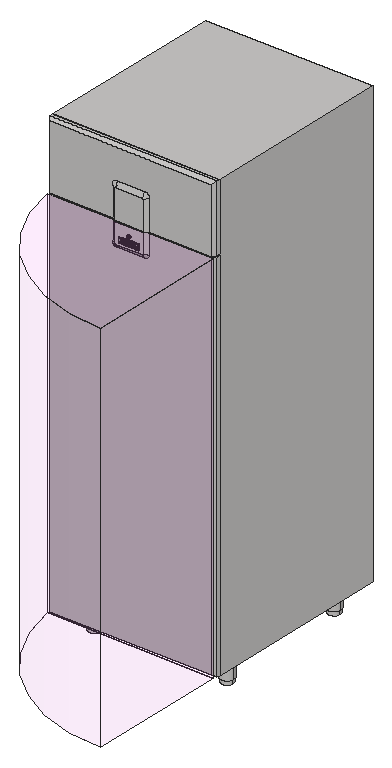
Revit family "QF_ZANUSSI_110212_NPT71FRAA", category Specialty Equipment, Revit 2018
Family settings
  Round Connector Dimension = Use Diameter
  Part Type = Normal
  Work Plane-Based = No
  Always vertical = Yes
  Cut with Voids When Loaded = No
  Shared = No
  Room Calculation Point = No
Parameters
  Weight = 0.00 kg
  Watts = 22.7612 W
  Volts = 220 V
  URL Manufacturer = "http://professional.electrolux.com/"
  URL = "http://professional.electrolux.com/"
  Steam Supply Size = 0 mm
  Steam Supply Minimum Pressure = 0.0 Pa
  Steam Supply Maximum Pressure = 0.0 Pa
  Steam Pounds per Hour = 0
  Show Logo [instance] = yes
  Show Clearance [instance] = yes
  Refrigeration Suction Line Size = 0 mm
  Refrigeration Liquid Line Size = 0 mm
  Refrigerant Compressor Remote = yes
  Manufacturer = "Zanussi"
  Phase = 1
  Model = "NPT71FRAA"
  Length Actual = 740 mm  # constant formula
  Item Number = "110212"
  Hot Water Size = 0 mm
  Height Actual = 2080 mm  # constant formula
  HP = "0,3 HP"
  Gas Size = 0 mm
  Gas KW = 0
  Gas Input Pressure = 0 W
  Description = "1D REF.CAB670L R290-2°C DIG.A304 CLASS A"
  Depth Actual = 885 mm  # constant formula
  Cycle = 0 Hz
  Condensate Return Size = 0 mm
  Compressed Air Volume = 0.0 L/s
  Compressed Air Size = 0 mm
  Compressed Air Pressure = 0.0 Pa
  Cold Water Size = 0 mm
  Accessory = yes
Reference planes
  plane 1 "Center (Front/Back)": y = 0
  plane 2: z = 0
  plane 3 "Center (Left/Right)": x = 0
  plane 4 "LEFT": x = -370
  plane 5 "RIGHT": x = 370
  plane 6 "FRONT": y = -438.5
  plane 7 "BACK": y = 438.5
  plane 8: y = -272.5
  plane 9: y = 341.5
  plane 10: z = 2080
  plane 11: z = 110
  plane 12: z = 2580
  plane 13: z = 1780
Forms (mm)
  Extrusion 1, solid, material "QF_Finishes_Stainless Steel"
    sketch origin (0, 0, 0) x (1, 0, 0) y (0, 1, 0)
      loop
        circle (-278.5, 341.5) r 25
      loop
        circle (278.5, 341.5) r 25
      loop
        circle (-295, -272.5) r 25
      loop
        circle (295, -272.5) r 25
    from 0 to 20
  Extrusion 2, solid, material "QF_Finishes_Stainless Steel"
    sketch origin (0, 0, 0) x (1, 0, 0) y (0, 1, 0)
      loop
        circle (-278.5, 341.5) r 30
      loop
        circle (278.5, 341.5) r 30
      loop
        circle (-295, -272.5) r 30
      loop
        circle (295, -272.5) r 30
    from 20 to 110
  Extrusion 3, solid, material "QF_Finishes_Stainless Steel"
    sketch origin (0, 0, 0) x (1, 0, 0) y (0, 1, 0)
      loop
        line (-370, 438.5) -> (-370, -408.5) -> (370, -408.5) -> (370, 438.5) -> (-370, 438.5)
    from 110 to 2080
  Extrusion 4, solid, material "QF_Finishes_Stainless Steel"
    sketch origin (370, -408.5, 0) x (-1, 0, 0) y (0, 0, -1)
      loop
        line (740, -2080) -> (740, -1782.5) -> (0, -1782.5) -> (0, -2080) -> (740, -2080)
    from 0 to 15
  Blend 5, solid, material "QF_Finishes_Stainless Steel"
    base sketch origin (370, -423.5, 0) x (-1, 0, 0) y (0, 0, -1)
      loop
        line (740, -2080) -> (740, -1782.5) -> (0, -1782.5) -> (0, -2080) -> (740, -2080)
    top sketch origin (370, -423.5, 0) x (-1, 0, 0) y (0, 0, -1)
      loop
        line (730, -2070) -> (730, -1782.5) -> (10, -1782.5) -> (10, -2070) -> (730, -2070)
    from 0 to 15
  Extrusion 6, solid, material "QF_Finishes_Stainless Steel"
    sketch origin (370, -408.5, -272.5) x (-1, 0, 0) y (0, 0, -1)
      loop
        line (740, -2050) -> (740, -382.5) -> (0, -382.5) -> (0, -2050) -> (740, -2050)
    from 0 to 15
  Blend 7, solid, material "QF_Finishes_Stainless Steel"
    base sketch origin (370, -423.5, -272.5) x (-1, 0, 0) y (0, 0, -1)
      loop
        line (740, -2050) -> (740, -382.5) -> (0, -382.5) -> (0, -2050) -> (740, -2050)
    top sketch origin (370, -423.5, -272.5) x (-1, 0, 0) y (0, 0, -1)
      loop
        line (730, -2050) -> (730, -392.5) -> (10, -392.5) -> (10, -2050) -> (730, -2050)
    from 0 to 15
  Extrusion 8, solid, material "QF_Door-Drawer Clearances", visible <- "Show Clearance"
    sketch origin (0, 0, 0) x (1, 0, 0) y (0, 1, 0)
      loop
        line (370, -438.5) -> (-370, -438.5)
        arc (-370, -438.5) -> (-116.296, -890.102) -> (370, -1068.5) r 747.791
        line (370, -1068.5) -> (370, -438.5)
    from 110 to 1777.5
  Blend 9, solid, material "QF_Finishes_Stainless Steel"
    base sketch origin (370, -438.5, 15) x (-1, 0, 0) y (0, 0, -1)
      loop
        arc (430, -1922.5) -> (444.142, -1916.642) -> (450, -1902.5) r 20
        line (450, -1902.5) -> (450, -1677.5)
        arc (450, -1677.5) -> (444.142, -1663.358) -> (430, -1657.5) r 20
        line (430, -1657.5) -> (310, -1657.5)
        arc (310, -1657.5) -> (295.858, -1663.358) -> (290, -1677.5) r 20
        line (290, -1677.5) -> (290, -1902.5)
        arc (290, -1902.5) -> (295.858, -1916.642) -> (310, -1922.5) r 20
        line (310, -1922.5) -> (430, -1922.5)
    top sketch origin (370, -438.5, 15) x (-1, 0, 0) y (0, 0, -1)
      loop
        line (305, -1677.5) -> (305, -1892.5)
        arc (305, -1892.5) -> (306.464, -1896.036) -> (310, -1897.5) r 5
        line (310, -1897.5) -> (430, -1897.5)
        arc (430, -1897.5) -> (433.536, -1896.036) -> (435, -1892.5) r 5
        line (435, -1892.5) -> (435, -1677.5)
        arc (435, -1677.5) -> (433.536, -1673.964) -> (430, -1672.5) r 5
        line (430, -1672.5) -> (310, -1672.5)
        arc (310, -1672.5) -> (306.464, -1673.964) -> (305, -1677.5) r 5
    from 0 to 10
  Extrusion 10, void
    sketch origin (370, -448.5, 15) x (1, 0, 0) y (0, 0, -1)
      loop
        line (-450, -1767.5) -> (-290, -1767.5) -> (-290, -1762.5) -> (-450, -1762.5) -> (-450, -1767.5)
    from 0 to 40
  Extrusion 11, solid, material "QF_Finishes_Stainless Steel"
    sketch origin (-430, 438.5, -75) x (1, 0, 0) y (0, 0, -1)
      loop
        circle (78.041, -2006.09) r 12
    from 0 to 16.547
  Extrusion 12, solid, material "QF_Finishes_Stainless Steel"
    sketch origin (391.25, -448.5, 1326.5) x (-1, 0, 0) y (0, 0, -1)
      loop
        circle (391.018, -413.776) r 7.041
      loop
        arc (390, -414.179) -> (391.013, -419.219) -> (392.047, -414.184) r 2.623
        line (392.047, -414.184) -> (392.047, -408.5) -> (390, -408.5) -> (390, -414.179)
    from 0 to 5.054
  Extrusion 13, solid, material "QF_Finishes_Stainless Steel"
    sketch origin (0, 0, 0) x (1, 0, 0) y (0, 1, 0)
      loop
        circle (0, -249.5) r 12
    from 91.018 to 110
  Extrusion 14, solid, material "QF_Clearance", visible <- "Show Clearance", detail levels coarse
    sketch origin (0, 0, 0) x (1, 0, 0) y (0, 1, 0)
      loop
        line (-390, -438.5) -> (-370, -438.5) -> (-370, 438.5) -> (370, 438.5) -> (370, -438.5) -> (390, -438.5) -> (390, 468.5) -> (-390, 468.5) -> (-390, -438.5)
    from 0 to 2080
  Extrusion 15, solid, material "QF_Clearance", visible <- "Show Clearance", detail levels coarse
    sketch origin (0, 0, 0) x (1, 0, 0) y (0, 1, 0)
      loop
        line (-390, 468.5) -> (-390, -438.5) -> (390, -438.5) -> (390, 468.5) -> (-390, 468.5)
    from 2080 to 2580
Cuts and joins
  Extrusion 10 cuts Extrusion 4
  Extrusion 10 cuts Blend 5
  joined: Extrusion 4, Blend 5
  Extrusion 10 cuts Extrusion 3
  Extrusion 10 cuts Extrusion 6
  joined: Extrusion 6, Blend 7
  Extrusion 10 cuts Extrusion 8
  Extrusion 10 cuts Blend 9
  joined: Extrusion 14, Extrusion 15
  joined: Extrusion 1, Extrusion 2
Lines and regions (mm)
  Split face 1
    outline origin (0, -448.5, 1800) x (0, 0, 1) y (-1, 0, 0)
      loop
        line (-22.5, 55) -> (-112.5, 55)
      loop
        line (-22.5, 50) -> (-112.5, 50)
  Split face 2
    outline origin (0, -448.5, 1800) x (0, 0, 1) y (-1, 0, 0)
      loop
        line (-22.5, -50) -> (-112.5, -50)
      loop
        line (-22.5, -55) -> (-112.5, -55)
  Split face 3
    outline origin (0, -448.5, 1800) x (0, 0, 1) y (-1, 0, 0)
      loop
        line (-17.5, 35) -> (96.079, 35)
        arc (96.079, 35) -> (99.615, 33.536) -> (101.079, 30) r 5
        line (101.079, 30) -> (101.079, -30)
        arc (101.079, -30) -> (99.615, -33.536) -> (96.079, -35) r 5
        line (96.079, -35) -> (-17.5, -35)
  Split face 4
    outline origin (0, -448.5, 1800) x (0, 0, 1) y (-1, 0, 0)
      loop
        line (-22.5, 35) -> (-33.75, 35)
        arc (-33.75, 35) -> (-37.286, 33.536) -> (-38.75, 30) r 5
        line (-38.75, 30) -> (-38.75, -30)
        arc (-38.75, -30) -> (-37.286, -33.536) -> (-33.75, -35) r 5
        line (-33.75, -35) -> (-22.5, -35)
  Split face 5
    outline origin (0, -448.5, 1800) x (0, 0, 1) y (-1, 0, 0)
      loop
        line (31.857, 30) -> (16.732, 30) -> (16.732, -30) -> (31.857, -30) -> (31.857, 30)
  Split face 6
    outline origin (0, -448.5, 1800) x (0, 0, 1) y (-1, 0, 0)
      loop
        line (-17.5, 55) -> (112.5, 55)
      loop
        line (-17.5, 50) -> (112.5, 50)
      loop
        line (-17.5, -50) -> (112.5, -50)
      loop
        line (-17.5, -55) -> (112.5, -55)
  symbolic lines
    curve 1: line (-370, 438.5, 0) -> (370, 438.5, 0)
    curve 2: line (-370, -438.5, 0) -> (-370, 438.5, 0)
    curve 3: line (370, -438.5, 0) -> (-370, -438.5, 0)
    curve 4: line (370, 438.5, 0) -> (370, -438.5, 0)
  symbolic lines, style "QF_Door-Drawer Clearances"
    curve 5: line (370, -1068.5, 0) -> (370, -438.5, 0)
    curve 6: arc (-370, -438.5, 0) -> (-116.296, -890.102, 0) -> (370, -1068.5, 0) r 747.791
  symbolic lines, style "QF_Clearances", visible <- "Show Clearance", detail levels coarse
    curve 7: line (-390, -438.5, 0) -> (-390, 468.5, 0)
    curve 8: line (-390, 468.5, 0) -> (390, 468.5, 0)
    curve 9: line (390, 468.5, 0) -> (390, -438.5, 0)
  symbolic lines, style "SpecialityEquipment"
    curve 10: line (-80, -438.5, 0) -> (-65, -448.5, 0)
    curve 11: line (-65, -448.5, 0) -> (65, -448.5, 0)
    curve 12: line (65, -448.5, 0) -> (80, -438.5, 0)
Dimensions and locks
  equal spacing: plane 4 "LEFT", plane 3 "Center (Left/Right)", plane 5 "RIGHT"
  equal spacing: plane 7 "BACK", plane 1 "Center (Front/Back)", plane 6 "FRONT"
  plane 7 "BACK" to plane 6 "FRONT" = 877 mm
  plane 4 "LEFT" to plane 5 "RIGHT" = 740 mm
  plane 8 to plane 6 "FRONT" = 166 mm
  plane 10 to level = 2080 mm
  locked: plane 11 to plane 2 at 110
  locked: plane 7 "BACK" to plane 9 at 97
  plane 9 to plane 8 = 614 mm
  plane 4 "LEFT" to Extrusion 6 = 740 mm
  locked: plane 12 to plane 10 at 500
  plane 4 "LEFT" to Extrusion 1 sketch curve = 91.5 mm
  Extrusion 1 sketch curve to plane 5 "RIGHT" = 91.5 mm
  plane 4 "LEFT" to Extrusion 2 sketch curve = 91.5 mm
  Extrusion 2 sketch curve to plane 5 "RIGHT" = 91.5 mm
  aligned and locked: level to plane 2
  aligned and locked: plane 11 to Extrusion 2
  aligned and locked: Extrusion 2 to Extrusion 1
  aligned and locked: Extrusion 3 sketch curve to curve 1
  aligned and locked: curve 2 to Extrusion 3 sketch curve
  aligned and locked: plane 10 to Extrusion 3
  aligned and locked: Extrusion 3 to plane 11
  aligned and locked: Extrusion 4 sketch curve to Extrusion 3  (x2)
  aligned and locked: Extrusion 4 sketch curve to plane 5 "RIGHT"
  aligned and locked: Blend 5 sketch curve to Extrusion 3  (x2)
  aligned and locked: Blend 7 sketch curve to Extrusion 6  (x2)
  aligned and locked: plane 6 "FRONT" to Extrusion 8 sketch curve
  aligned and locked: Extrusion 8 to plane 11
  aligned and locked: plane 11 to Extrusion 13
  aligned and locked: Extrusion 6 to plane 11
  aligned and locked: Extrusion 14 sketch curve to plane 6 "FRONT"
  aligned and locked: Extrusion 14 sketch curve to curve 2
  aligned and locked: curve 1 to Extrusion 14 sketch curve
  aligned and locked: Extrusion 14 sketch curve to curve 4
  aligned and locked: plane 6 "FRONT" to Extrusion 14 sketch curve
  aligned and locked: Extrusion 15 sketch curve to Extrusion 14  (x2)
  aligned and locked: Extrusion 15 to plane 10
Automatic sketch dimensions
  Extrusion 3 sketch curve to plane 5 "RIGHT" = 0 mm
  Extrusion 6 to Blend 7 sketch curve = 0 mm
  Blend 7 sketch curve to Extrusion 6 = 0 mm  (x2)
  Blend 7 sketch curve to Extrusion 6 = 10 mm  (x3)
  Blend 9 sketch curve to Blend 9 sketch curve = 20 mm  (x4)
  Blend 9 sketch curve to Blend 5 = 125 mm
  Blend 9 sketch curve to Blend 5 = 295 mm
  Blend 9 sketch curve to Blend 9 sketch curve = 5 mm  (x3)
  Blend 9 sketch curve to Blend 9 sketch curve = 120 mm  (x3)
  Blend 5 to Blend 9 sketch curve = 90 mm  (x2)
  Split face 1 sketch curve to cut or joined group of Blend 9, Extrusion 10 = 0 mm  (x4)
  Split face 1 sketch curve to cut or joined group of Blend 9, Extrusion 10 = 15 mm
  Split face 1 sketch curve to Split face 1 sketch curve = 5 mm
  Split face 2 sketch curve to cut or joined group of Blend 9, Extrusion 10 = 0 mm  (x4)
  Split face 2 sketch curve to cut or joined group of Blend 9, Extrusion 10 = 10 mm
  Split face 2 sketch curve to Split face 2 sketch curve = 5 mm
  Split face 3 sketch curve to cut or joined group of Blend 9, Extrusion 10 = 0 mm  (x2)
  Split face 3 sketch curve to cut or joined group of Blend 9, Extrusion 10 = 16.421 mm  (x2)
  Split face 3 sketch curve to cut or joined group of Blend 9, Extrusion 10 = 11.421 mm
  Split face 3 sketch curve to cut or joined group of Blend 9, Extrusion 10 = 30 mm
  Split face 3 sketch curve to cut or joined group of Blend 9, Extrusion 10 = 35 mm
  Split face 4 sketch curve to cut or joined group of Blend 9, Extrusion 10 = 0 mm  (x2)
  cut or joined group of Blend 9, Extrusion 10 to Split face 4 sketch curve = 11.25 mm  (x2)
  Split face 4 sketch curve to Split face 4 sketch curve = 5 mm
  Split face 4 sketch curve to cut or joined group of Blend 9, Extrusion 10 = 30 mm
  Split face 4 sketch curve to cut or joined group of Blend 9, Extrusion 10 = 35 mm
  Split face 5 sketch curve to cut or joined group of Blend 9, Extrusion 10 = 95.768 mm
  Split face 5 sketch curve to Split face 5 sketch curve = 15.125 mm
  Split face 5 sketch curve to cut or joined group of Blend 9, Extrusion 10 = 35 mm  (x2)
  Extrusion 11 sketch curve to Extrusion 3 = 18.041 mm
  Extrusion 3 to Extrusion 11 sketch curve = 148.91 mm
  Extrusion 13 sketch curve to plane 3 "Center (Left/Right)" = 0 mm
  Extrusion 12 sketch curve to Blend 9 = 66.25 mm
  Extrusion 12 sketch curve to Extrusion 12 sketch curve = 1.018 mm  (x2)
  Extrusion 12 sketch curve to Extrusion 12 sketch curve = 2.047 mm
  Extrusion 12 sketch curve to Blend 9 = 55.596 mm
  Extrusion 12 sketch curve to Extrusion 12 sketch curve = 2.82 mm
  Extrusion 12 sketch curve to Extrusion 12 sketch curve = 0.403 mm
  Extrusion 12 sketch curve to Extrusion 12 sketch curve = 5.679 mm
  Extrusion 12 sketch curve to Extrusion 12 sketch curve = 0 mm
  Blend 9 sketch curve to Blend 5 = 132.5 mm
  Blend 5 sketch curve to plane 5 "RIGHT" = 10 mm
  plane 4 "LEFT" to Blend 5 sketch curve = 10 mm
  Blend 5 sketch curve to plane 10 = 10 mm
  Extrusion 6 sketch curve to Extrusion 3 = 0 mm  (x2)
  Extrusion 3 to Extrusion 6 sketch curve = 0 mm
  plane 8 to Extrusion 13 sketch curve = 23 mm
  Extrusion 3 to Extrusion 6 sketch curve = 302.5 mm
  Extrusion 10 sketch curve to Extrusion 10 sketch curve = 5 mm
  Extrusion 3 to Extrusion 4 sketch curve = 297.5 mm
  Blend 5 sketch curve to Extrusion 4 = 0 mm  (x3)
  Blend 9 to Extrusion 10 sketch curve = 95 mm
  Split face 6 sketch curve to cut or joined group of Blend 9, Extrusion 10 = 0 mm  (x8)
  Split face 6 sketch curve to cut or joined group of Blend 9, Extrusion 10 = 10 mm
  Split face 6 sketch curve to Split face 6 sketch curve = 5 mm  (x2)
  Split face 6 sketch curve to cut or joined group of Blend 9, Extrusion 10 = 15 mm
  Extrusion 8 sketch curve to plane 4 "LEFT" = 0 mm
  Extrusion 8 sketch curve to plane 5 "RIGHT" = 0 mm
  Extrusion 8 sketch curve to plane 5 "RIGHT" = 1.545 mm
  Extrusion 1 sketch curve to plane 8 = 0 mm  (x2)
  Extrusion 1 sketch curve to plane 9 = 0 mm  (x2)
  Extrusion 14 sketch curve to plane 4 "LEFT" = 20 mm
  Extrusion 14 sketch curve to Extrusion 14 sketch curve = 20 mm
  plane 7 "BACK" to Extrusion 14 sketch curve = 30 mm
  Extrusion 15 sketch curve to plane 4 "LEFT" = 20 mm
  plane 7 "BACK" to Extrusion 15 sketch curve = 30 mm
  plane 4 "LEFT" to Extrusion 1 sketch curve = 75 mm
  Extrusion 1 sketch curve to plane 5 "RIGHT" = 75 mm
  plane 6 "FRONT" to Extrusion 3 sketch curve = 30 mm
  Extrusion 8 sketch curve to Extrusion 8 sketch curve = 630 mm
  Blend 9 sketch curve to Blend 5 = 280 mm
  Extrusion 10 sketch curve to Blend 9 = 15 mm  (x2)
  Extrusion 2 sketch curve to plane 8 = 0 mm  (x2)
  Extrusion 2 sketch curve to plane 9 = 0 mm  (x2)
  plane 4 "LEFT" to Extrusion 2 sketch curve = 75 mm
  Extrusion 2 sketch curve to plane 5 "RIGHT" = 75 mm
  curve 7 to plane 6 "FRONT" = 0 mm
  curve 2 to plane 4 "LEFT" = 0 mm
  curve 10 to plane 6 "FRONT" = 0 mm
  curve 5 to plane 5 "RIGHT" = 0 mm
  curve 1 to plane 5 "RIGHT" = 0 mm
  curve 9 to plane 6 "FRONT" = 0 mm
  curve 1 to plane 7 "BACK" = 0 mm
  curve 7 to plane 4 "LEFT" = 20 mm
  curve 10 to plane 3 "Center (Left/Right)" = 65 mm
  curve 6 to plane 5 "RIGHT" = 1.545 mm
  plane 5 "RIGHT" to curve 8 = 20 mm
  curve 5 to curve 3 = 630 mm
  plane 7 "BACK" to curve 8 = 30 mm
  curve 10 to curve 10 = 15 mm
  curve 12 to plane 6 "FRONT" = 10 mm
  plane 3 "Center (Left/Right)" to curve 12 = 65 mm
  curve 11 to curve 12 = 15 mm
  radius of Extrusion 11 sketch curve = 12 mm
  radius of Extrusion 13 sketch curve = 12 mm
  radius of Extrusion 12 sketch curve = 7.041 mm
  radius of Extrusion 1 sketch curve = 25 mm  (x4)
  radius of Extrusion 2 sketch curve = 30 mm  (x4)
Nested families
  nested 1: "ZAN_Logo_S_Grey" at (0, -448.5, 1713.75) x (1, 0, 0) z (0, -1, 0), visible <- "Show Logo", type "ZAN_Logo_S_Grey"
Connectors
  electrical at (-351.959, 455.047, 1931.09)
    settings: on Extrusion 11, index 1, voltage 0 V, apparent load 0 VA, apparent load phase1 0 VA, apparent load phase2 0 VA, apparent load phase3 0 VA, power factor 1, load classification "Other", number of poles 1, system type 30, power factor state 1, is connector primary yes, connector utility no, sub classification motor no, connector description "Elctrical Connection"
  piping at (0, -249.5, 91.018), diameter 24
    settings: on Extrusion 13, index 2, connector inside diameter 609.6 mm, connector length 0 mm, flow factor 0, pipe flow 0.0 L/s, pressure drop 0.0 Pa, fitting loss kfactor 0, connector angle 0.00°, fixture units 0, engagement length 0 mm, angle of deflection 0.00°, flow configuration 1, flow direction 2, fitting loss method 0, system type 16, joint type 0, gender type 0, connector reference index -1, connector utility 0, adjustable connector no, is connector primary yes, connector description "Drain"
Definition of nested family "ZAN_Logo_S_Grey"
  Parameters
    Default Elevation = 0 mm
  Reference planes
    plane 1 "Centro (Fronte/Retro)": y = 0
    plane 2: z = 0
    plane 3 "Centro (Sinistra/Destra)": x = 0
  Forms (mm)
    Extrusion 1, solid
      sketch origin (0, 0, 0) x (1, 0, 0) y (0, 1, 0)
        loop
          line (-1219.2, 1219.2) -> (-1219.2, -1219.2) -> (1219.2, -1219.2) -> (1219.2, 1219.2) -> (-1219.2, 1219.2)
      from 0 to -304.8
    Extrusion 2, solid
      sketch origin (17.793, -46.218, 0) x (-1, 0, 0) y (0, -1, 0)
        loop
          spline (-4.176, -58.079) -> (-3.496, -58.328) -> (-2.793, -58.512) -> (-2.075, -58.63) -> (-1.348, -58.682) -> (-0.619, -58.669) -> (0.106, -58.588) -> (0.818, -58.44) -> (1.512, -58.225) -> (2.18, -57.941) -> (2.817, -57.589) -> (3.414, -57.167) -> (3.966, -56.676)
          spline (3.966, -56.676) -> (4.293, -56.162) -> (4.575, -55.61) -> (4.81, -55.026) -> (5, -54.419) -> (5.146, -53.797) -> (5.247, -53.166) -> (5.304, -52.536) -> (5.318, -51.913) -> (5.288, -51.306) -> (5.217, -50.723) -> (5.103, -50.17) -> (4.949, -49.657)
          line (4.949, -49.657) -> (2.702, -46.428) -> (0.316, -44.323)
          spline (0.316, -44.323) -> (0.065, -44.115) -> (-0.195, -43.909) -> (-0.46, -43.704) -> (-0.729, -43.496) -> (-0.997, -43.282) -> (-1.263, -43.059) -> (-1.523, -42.825) -> (-1.774, -42.576) -> (-2.013, -42.309) -> (-2.238, -42.022) -> (-2.445, -41.712) -> (-2.632, -41.375)
          spline (-2.632, -41.375) -> (-2.666, -41.159) -> (-2.697, -40.934) -> (-2.722, -40.701) -> (-2.736, -40.465) -> (-2.736, -40.227) -> (-2.72, -39.989) -> (-2.682, -39.754) -> (-2.621, -39.524) -> (-2.533, -39.302) -> (-2.414, -39.091) -> (-2.261, -38.892) -> (-2.07, -38.708)
          line (-2.07, -38.708) -> (-0.245, -38.567)
          spline (-0.245, -38.567) -> (0.096, -38.8) -> (0.354, -39.074) -> (0.54, -39.381) -> (0.664, -39.716) -> (0.738, -40.073) -> (0.772, -40.445) -> (0.777, -40.825) -> (0.763, -41.208) -> (0.742, -41.588) -> (0.723, -41.957) -> (0.718, -42.309) -> (0.737, -42.638)
          line (0.737, -42.638) -> (5.65, -42.638)
          spline (5.65, -42.638) -> (5.708, -42.042) -> (5.741, -41.448) -> (5.747, -40.857) -> (5.723, -40.273) -> (5.668, -39.696) -> (5.58, -39.129) -> (5.457, -38.574) -> (5.297, -38.032) -> (5.098, -37.506) -> (4.857, -36.997) -> (4.574, -36.508) -> (4.247, -36.041)
          spline (4.247, -36.041) -> (3.844, -35.675) -> (3.409, -35.35) -> (2.946, -35.065) -> (2.458, -34.819) -> (1.949, -34.612) -> (1.421, -34.444) -> (0.88, -34.314) -> (0.326, -34.221) -> (-0.234, -34.165) -> (-0.8, -34.146) -> (-1.366, -34.163) -> (-1.93, -34.216)
          spline (-1.93, -34.216) -> (-2.526, -34.309) -> (-3.116, -34.448) -> (-3.695, -34.633) -> (-4.259, -34.861) -> (-4.801, -35.131) -> (-5.316, -35.444) -> (-5.799, -35.798) -> (-6.245, -36.191) -> (-6.648, -36.624) -> (-7.002, -37.095) -> (-7.303, -37.603) -> (-7.545, -38.146)
          spline (-7.545, -38.146) -> (-7.694, -38.815) -> (-7.792, -39.487) -> (-7.839, -40.158) -> (-7.836, -40.824) -> (-7.785, -41.482) -> (-7.685, -42.129) -> (-7.539, -42.762) -> (-7.347, -43.377) -> (-7.111, -43.97) -> (-6.83, -44.538) -> (-6.506, -45.078) -> (-6.141, -45.586)
          line (-6.141, -45.586) -> (-0.526, -50.64) -> (0.176, -51.482)
          spline (0.176, -51.482) -> (0.248, -51.66) -> (0.323, -51.843) -> (0.397, -52.03) -> (0.467, -52.22) -> (0.529, -52.412) -> (0.579, -52.605) -> (0.615, -52.798) -> (0.633, -52.989) -> (0.63, -53.179) -> (0.601, -53.366) -> (0.545, -53.55) -> (0.456, -53.728)
          spline (0.456, -53.728) -> (0.375, -53.892) -> (0.273, -54.034) -> (0.154, -54.155) -> (0.02, -54.258) -> (-0.126, -54.343) -> (-0.28, -54.412) -> (-0.441, -54.466) -> (-0.604, -54.508) -> (-0.767, -54.537) -> (-0.928, -54.556) -> (-1.082, -54.567) -> (-1.228, -54.57)
          line (-1.228, -54.57) -> (-2.632, -53.587) -> (-2.772, -50.64) -> (-7.405, -50.64)
          spline (-7.405, -50.64) -> (-7.41, -51.031) -> (-7.423, -51.432) -> (-7.44, -51.839) -> (-7.456, -52.251) -> (-7.469, -52.665) -> (-7.475, -53.079) -> (-7.468, -53.489) -> (-7.446, -53.894) -> (-7.404, -54.291) -> (-7.339, -54.679) -> (-7.247, -55.053) -> (-7.123, -55.412)
          spline (-7.123, -55.412) -> (-6.999, -55.693) -> (-6.837, -55.97) -> (-6.643, -56.244) -> (-6.422, -56.509) -> (-6.177, -56.765) -> (-5.913, -57.009) -> (-5.634, -57.238) -> (-5.346, -57.45) -> (-5.051, -57.643) -> (-4.755, -57.814) -> (-4.462, -57.96) -> (-4.176, -58.079)
        loop
          spline (-21.021, -55.552) -> (-20.633, -56.181) -> (-20.177, -56.736) -> (-19.661, -57.217) -> (-19.092, -57.627) -> (-18.478, -57.966) -> (-17.827, -58.237) -> (-17.147, -58.441) -> (-16.446, -58.578) -> (-15.73, -58.652) -> (-15.009, -58.662) -> (-14.29, -58.611) -> (-13.581, -58.5)
          spline (-13.581, -58.5) -> (-13.088, -58.407) -> (-12.595, -58.269) -> (-12.109, -58.088) -> (-11.636, -57.866) -> (-11.183, -57.605) -> (-10.756, -57.307) -> (-10.361, -56.974) -> (-10.004, -56.608) -> (-9.692, -56.211) -> (-9.431, -55.784) -> (-9.228, -55.33) -> (-9.089, -54.851)
          spline (-9.089, -54.851) -> (-8.873, -54.211) -> (-8.715, -53.559) -> (-8.615, -52.901) -> (-8.574, -52.241) -> (-8.592, -51.585) -> (-8.668, -50.938) -> (-8.802, -50.306) -> (-8.995, -49.693) -> (-9.247, -49.106) -> (-9.557, -48.55) -> (-9.925, -48.03) -> (-10.352, -47.551)
          line (-10.352, -47.551) -> (-15.546, -42.919) -> (-16.669, -41.234)
          spline (-16.669, -41.234) -> (-16.704, -41.021) -> (-16.735, -40.804) -> (-16.761, -40.583) -> (-16.778, -40.361) -> (-16.784, -40.139) -> (-16.774, -39.919) -> (-16.748, -39.701) -> (-16.7, -39.488) -> (-16.63, -39.28) -> (-16.533, -39.08) -> (-16.406, -38.889) -> (-16.248, -38.708)
          line (-16.248, -38.708) -> (-14.844, -38.427)
          spline (-14.844, -38.427) -> (-14.347, -38.545) -> (-13.969, -38.749) -> (-13.695, -39.028) -> (-13.508, -39.368) -> (-13.393, -39.757) -> (-13.335, -40.182) -> (-13.318, -40.63) -> (-13.326, -41.089) -> (-13.344, -41.546) -> (-13.356, -41.988) -> (-13.347, -42.403) -> (-13.3, -42.779)
          line (-13.3, -42.779) -> (-8.387, -42.638)
          spline (-8.387, -42.638) -> (-8.326, -42.034) -> (-8.288, -41.417) -> (-8.277, -40.794) -> (-8.299, -40.169) -> (-8.357, -39.548) -> (-8.457, -38.936) -> (-8.604, -38.339) -> (-8.803, -37.762) -> (-9.058, -37.21) -> (-9.375, -36.689) -> (-9.758, -36.204) -> (-10.212, -35.76)
          spline (-10.212, -35.76) -> (-10.793, -35.336) -> (-11.409, -34.976) -> (-12.054, -34.679) -> (-12.723, -34.445) -> (-13.409, -34.273) -> (-14.107, -34.163) -> (-14.811, -34.115) -> (-15.515, -34.127) -> (-16.213, -34.2) -> (-16.899, -34.333) -> (-17.568, -34.526) -> (-18.213, -34.777)
          spline (-18.213, -34.777) -> (-18.496, -34.897) -> (-18.783, -35.044) -> (-19.071, -35.216) -> (-19.357, -35.412) -> (-19.639, -35.629) -> (-19.915, -35.865) -> (-20.182, -36.119) -> (-20.438, -36.389) -> (-20.681, -36.672) -> (-20.907, -36.967) -> (-21.115, -37.272) -> (-21.301, -37.585)
          spline (-21.301, -37.585) -> (-21.55, -38.26) -> (-21.734, -38.948) -> (-21.854, -39.647) -> (-21.91, -40.351) -> (-21.901, -41.057) -> (-21.828, -41.761) -> (-21.69, -42.459) -> (-21.489, -43.148) -> (-21.222, -43.823) -> (-20.892, -44.48) -> (-20.497, -45.116) -> (-20.038, -45.726)
          line (-20.038, -45.726) -> (-14.142, -51.061) -> (-13.44, -52.886) -> (-14.002, -54.289) -> (-15.265, -54.57) -> (-16.669, -53.587) -> (-16.81, -50.78) -> (-21.582, -50.64)
          spline (-21.582, -50.64) -> (-21.558, -51.063) -> (-21.55, -51.491) -> (-21.554, -51.92) -> (-21.561, -52.35) -> (-21.567, -52.778) -> (-21.565, -53.201) -> (-21.547, -53.619) -> (-21.509, -54.029) -> (-21.444, -54.43) -> (-21.345, -54.818) -> (-21.206, -55.193) -> (-21.021, -55.552)
        loop
          line (-22.424, -34.216) -> (-27.337, -34.216) -> (-27.337, -58.22) -> (-22.424, -58.22) -> (-22.424, -34.216)
        loop
          line (14.213, -39.971) -> (14.213, -58.22) -> (19.126, -58.22) -> (19.126, -42.077) -> (18.845, -38.146) -> (18.424, -37.164) -> (17.442, -35.9) -> (16.459, -35.199) -> (14.494, -34.356) -> (13.511, -34.216) -> (11.265, -34.216) -> (10.142, -34.497) -> (8.458, -35.479) -> (6.493, -38.287) -> (6.352, -39.269) -> (6.352, -58.22) -> (11.265, -58.22) -> (11.265, -40.392) -> (11.827, -39.129) -> (13.371, -38.988) -> (14.213, -39.971)
        loop
          line (20.249, -58.22) -> (24.741, -58.22) -> (24.741, -42.919) -> (28.812, -58.22) -> (34.006, -58.22) -> (34.006, -34.216) -> (29.654, -34.216) -> (29.654, -50.078) -> (25.583, -34.216) -> (20.249, -34.216) -> (20.249, -58.22)
        loop
          line (50.149, -58.22) -> (62.361, -58.22) -> (62.361, -53.728) -> (55.904, -53.868) -> (62.923, -39.129) -> (62.923, -34.216) -> (50.149, -34.216) -> (50.149, -39.129) -> (57.517, -39.129) -> (50.149, -54.149) -> (50.149, -58.22)
        loop
          line (38.778, -58.22) -> (45.516, -58.22) -> (49.868, -34.216) -> (44.814, -34.216) -> (44.113, -38.848) -> (40.042, -38.848) -> (39.34, -34.216) -> (34.286, -34.216) -> (38.778, -58.22)
        loop
          line (43.551, -43.2) -> (40.744, -43.2) -> (42.147, -54.117) -> (43.551, -43.2)
      from 0 to 1.644
  Dimensions and locks
    aligned and locked: plane 2 to Extrusion 1
    aligned and locked: level to Extrusion 1
